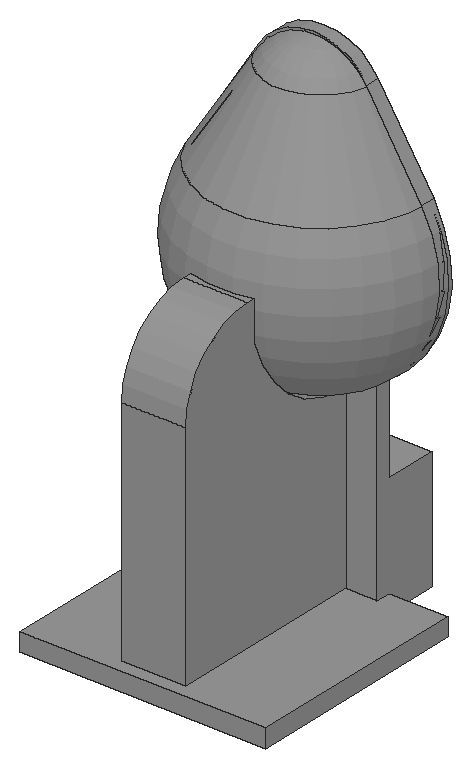
Revit family "Toilet-Willoughby-1490-HET-ETWS-CM-BS", category Plumbing Fixtures, host Face, Revit 2014
Parameters (values of type "Standard")
  Waste DIA = 2 1/4"
  Waste Connection = yes
  W-RAD [instance] = Waste DIA / 2  # 0' - 1 1/8"
  Vent Connection = no
  URL = "www.willoughby-ind.com"
  Type Comments = "Siphon Jet Flush"
  Revision = "A"
  Model = "ETWS-1490-HET-CM-BS"
  Manufacturer = "Willoughby Industries"
  HW Connection = no
  Flush inlet DIA = 1 1/2"
  Flush Inlet Connection = yes
  Fixture Body = Stainless Steel AISI 304-Willoughby
  F-RAD [instance] = Flush inlet DIA / 2  # 0' - 0 3/4"
  Description = "Carrier Mounted Toilet"
  Default Elevation = 0' - 0"
  Contact Number = "(800) 428-4065"
  CW Connection = no
Reference planes (in)
  plane 1 "Base": y = -16.25
  plane 2: z = 0
  plane 3 "Center": x = 18.31072
  plane 4 "Seat HGT": y = -1.25
  plane 5: y = -2.125
  plane 6 "Unit Base Off Floor": y = -13.75
  plane 7 "Flush HGT": y = 0.5
  plane 8: x = 16.56072
  plane 9: x = 20.06072
  plane 10: x = 11.56072
  plane 11: x = 25.06072
  plane 12: z = 27.75
  plane 13: y = -10.75
Forms (in)
  Extrusion 1, solid, material "Stainless Steel AISI 304-Willoughby" <- "Fixture Body"
    sketch origin (16.08109, 7.47968, -5.1422) x (-1, 0, 0) y (0, 0, -1)
      loop
        line (1.29775, -16.80087) -> (1.29775, -6.1422) -> (-5.72963, -6.1422) -> (-5.72963, -16.81676)
        arc (-5.72963, -16.81676) -> (-8.98136, -21.11843) -> (-8.21015, -26.45542) r 7
        line (-8.21015, -26.45542) -> (-5.16818, -31.31054)
        arc (-5.16818, -31.31054) -> (-2.20225, -32.95225) -> (0.76368, -31.31054) r 3.5
        line (0.76368, -31.31054) -> (3.80565, -26.45542)
        arc (3.80565, -26.45542) -> (4.5729, -21.10311) -> (1.29775, -16.80087) r 7
      loop
        arc (2.03989, -24.70557) -> (-2.20225, -18.23804) -> (-6.44438, -24.70557) r 4.625
        line (-6.44438, -24.70557) -> (-4.04125, -30.23842)
        arc (-4.04125, -30.23842) -> (-2.20225, -31.45225) -> (-0.36324, -30.23842) r 2
        line (-0.36324, -30.23842) -> (2.03989, -24.70557)
    from 8.72968 to 9.5
  Revolve 2, solid, material "Stainless Steel AISI 304-Willoughby" <- "Fixture Body"
    sketch origin (19.37246, -1.52032, -1.93826) x (-1, 0, 0) y (0, 0, -1)
      loop
        line (1.06174, -12.59906) -> (1.06174, -12.84906)
        arc (1.06174, -12.84906) -> (6.96784, -16.33096) -> (6.78077, -23.18447) r 6.75
        line (6.78077, -23.18447) -> (3.81535, -27.91457)
        arc (3.81535, -27.91457) -> (2.63527, -29.03194) -> (1.06174, -29.43826) r 3.25
        line (1.06174, -29.43826) -> (1.06174, -29.68826)
        arc (1.06174, -29.68826) -> (2.75672, -29.25045) -> (4.02767, -28.04656) r 3.5
        line (4.02767, -28.04656) -> (7.06964, -23.19143)
        arc (7.06964, -23.19143) -> (7.15052, -16.14555) -> (1.06174, -12.59906) r 7
      axis (1.06174, -12.59906) -> (1.06174, -29.68826)
    angle from 0 to -180
  Extrusion 3, solid, material "Stainless Steel AISI 304-Willoughby" <- "Fixture Body"
    sketch origin (19.53334, -3.02032, -2.9508) x (0, 1, 0) y (0, 0, 1)
      loop
        line (-5.27082, 3.9508) -> (1, 3.9508) -> (1, 13.76086)
        arc (1, 13.76086) -> (-2.93256, 15.26109) -> (-5.27082, 18.76086) r 6.92744
        line (-5.27082, 18.76086) -> (-5.27082, 3.9508)
    from 0.52738 to -2.97262
  Extrusion 4, solid, material "Stainless Steel AISI 304-Willoughby" <- "Fixture Body"
    sketch origin (17.03334, 24.83792, -2.30581) x (0, 1, 0) y (0, 0, 1)
      loop
        line (-33.12906, 3.30581) -> (-33.12906, 20.30581) -> (-33.56217, 20.30581)
        arc (-33.56217, 20.30581) -> (-36.58558, 19.05347) -> (-37.83792, 16.03006) r 4.27575
        line (-37.83792, 16.03006) -> (-37.83792, 3.30581) -> (-33.12906, 3.30581)
    from -0.47262 to 3.02738
  Extrusion 5, solid, material "Stainless Steel AISI 304-Willoughby" <- "Fixture Body"
    sketch origin (5.72435, 0.32141, 0) x (1, 0, 0) y (0, 1, 0)
      loop
        circle (12.58636, -11.07141) r 1.125
    from 5.5 to 0
  Extrusion 6, solid, material "Stainless Steel AISI 304-Willoughby" <- "Fixture Body"
    sketch origin (18.31072, 0, 0) x (0, 1, 0) y (0, 0, 1)
      loop
        line (-1.25, 0) -> (1.75, 0) -> (1.75, 6.6875) -> (-1.25, 6.6875) -> (-1.25, 0)
    from -3.52738 to 3.5
  Extrusion 7, solid, material "Stainless Steel AISI 304-Willoughby" <- "Fixture Body"
    sketch origin (0, 0, 0) x (1, 0, 0) y (0, 1, 0)
      loop
        circle (18.31072, 0.5) r 0.75
    from 0 to 1
  Extrusion 8, solid, material "Stainless Steel AISI 304-Willoughby" <- "Fixture Body"
    sketch origin (0, -16.25, 0) x (1, 0, 0) y (0, 0, 1)
      loop
        line (25.06072, 0) -> (25.06072, 1) -> (11.56072, 1) -> (11.56072, 0) -> (25.06072, 0)
    from -15 to -2.5
Cuts and joins
  joined: Extrusion 1, Extrusion 3, Extrusion 4, Extrusion 6, Extrusion 8
Lines and regions (in)
  symbolic lines
    curve 1: line (11.28334, -2.02032, 0) -> (11.28334, -1.25, 0)
    curve 2: line (11.28334, -1.25, 0) -> (25.28334, -1.25, 0)
    curve 3: line (25.28334, -1.25, 0) -> (25.28334, -2.02032, 0)
    curve 4: arc (25.28334, -2.02032, 0) -> (23.07414, -6.64089, 0) -> (18.31072, -8.52239, 0) r 7.00369
    curve 5: arc (18.31072, -8.52239, 0) -> (13.52023, -6.65131, 0) -> (11.28334, -2.02032, 0) r 7.03441
    curve 6: line (14.78334, -1.25, 0) -> (14.78334, 1.75, 0)
    curve 7: line (14.78334, 1.75, 0) -> (21.81072, 1.75, 0)
    curve 8: line (21.81072, 1.75, 0) -> (21.81072, -1.25, 0)
    curve 9: line (25.06072, -3.3387, 0) -> (25.06072, -13.75, 0)
    curve 10: line (25.06072, -13.75, 0) -> (11.56072, -13.75, 0)
    curve 11: line (11.56072, -13.75, 0) -> (11.56072, -3.51227, 0)
    curve 12: line (20.06072, -8.29686, 0) -> (20.06072, -13, 0)
    curve 13: line (20.06072, -13, 0) -> (16.56072, -13, 0)
    curve 14: line (16.56072, -13, 0) -> (16.56072, -8.30461, 0)
    curve 15: line (14.78334, -16.25, 11.65867) -> (14.78334, -16.25, 0)
    curve 16: line (14.78334, -16.25, 0) -> (21.81072, -16.25, 0)
    curve 17: line (21.81072, -16.25, 0) -> (21.81072, -16.25, 11.67456)
    curve 19: line (14.78334, -16.25, 1) -> (11.56072, -16.25, 1)
    curve 20: line (11.56072, -16.25, 1) -> (11.56072, -16.25, 0)
    curve 21: line (11.56072, -16.25, 0) -> (14.78334, -16.25, 0)
    curve 22: line (21.81072, -16.25, 0) -> (25.06072, -16.25, 0)
    curve 23: line (25.06072, -16.25, 0) -> (25.06072, -16.25, 1)
    curve 24: line (25.06072, -16.25, 1) -> (21.81072, -16.25, 1)
    curve 25: arc (21.81072, -16.25, 11.67456) -> (25.05562, -16.25, 15.94259) -> (24.31862, -16.25, 21.25317) r 6.98362
    curve 26: line (24.31862, -16.25, 21.25317) -> (21.25205, -16.25, 26.1639)
    curve 27: arc (21.25205, -16.25, 26.1639) -> (19.99152, -16.25, 27.34663) -> (18.31072, -16.25, 27.75) r 3.3743
    curve 28: arc (18.31072, -16.25, 27.75) -> (16.6278, -16.25, 27.31167) -> (15.31741, -16.25, 26.16835) r 3.79289
    curve 29: line (15.31741, -16.25, 26.16835) -> (12.35249, -16.25, 21.43905)
    curve 30: arc (12.35249, -16.25, 21.43905) -> (11.49002, -16.25, 16.03241) -> (14.78334, -16.25, 11.65867) r 7
    curve 36: line (18.31072, -8.29114, 18) -> (18.31072, -8.72425, 18)
    curve 37: arc (18.31072, -8.72425, 18) -> (18.31072, -11.74766, 16.74766) -> (18.31072, -13, 13.72425) r 4.27575
    curve 38: line (18.31072, -13, 13.72425) -> (18.31072, -13, 1)
    curve 39: line (18.31072, -13, 1) -> (18.31072, -13.75, 1)
    curve 40: line (18.31072, -13.75, 1) -> (18.31072, -13.75, 0)
    curve 41: line (18.31072, -13.75, 0) -> (18.31072, 1.75, 0)
    curve 42: line (18.31072, -1.25, 0) -> (18.31072, -1.25, 1)
    curve 43: line (18.31072, -1.25, 1) -> (18.31072, -13, 1)
    curve 44: line (18.31072, 1.75, 0) -> (18.31072, 1.75, 6.6875)
    curve 45: line (18.31072, 1.75, 6.6875) -> (18.31072, -1.25, 6.6875)
    curve 46: line (18.31072, -1.25, 6.6875) -> (18.31072, -1.25, 11.67456)
    curve 47: line (18.31072, -1.25, 11.67456) -> (18.31072, -2, 11.67456)
    curve 48: line (18.31072, -2, 11.67456) -> (18.31072, -2, 1)
    curve 49: line (18.31072, -1.25, 11.67456) -> (18.31072, -1.25, 27.81005)
    curve 50: line (18.31072, -1.25, 27.81005) -> (18.31072, -2.02032, 27.81005)
    curve 51: arc (18.31072, -2.02032, 27.81005) -> (18.31072, -3.26664, 27.30759) -> (18.31072, -4.26459, 26.40767) r 3.85298
    curve 52: line (18.31072, -4.26459, 26.40767) -> (18.31072, -7.52822, 21.25317)
    curve 53: arc (18.31072, -7.52822, 21.25317) -> (18.31072, -8.24054, 19.6936) -> (18.31072, -8.50769, 18) r 6.32302
    curve 54: line (18.31072, -8.29114, 18) -> (18.31072, -8.29114, 15.81005)
    curve 55: arc (18.31072, -8.29114, 15.81005) -> (18.31072, -5.94493, 12.30395) -> (18.31072, -2, 10.80895) r 6.92744
  symbolic lines, detail levels medium+fine
    curve 18: line (21.81072, -16.25, 6.6875) -> (14.78334, -16.25, 6.6875)
  symbolic lines, detail levels fine
    curve 31: arc (20.11778, -16.25, 25.10681) -> (19.38026, -16.25, 25.9824) -> (18.28334, -16.25, 26.31005) r 2
    curve 32: arc (18.28334, -16.25, 26.31005) -> (17.1816, -16.25, 25.97923) -> (16.44433, -16.25, 25.09622) r 2
    curve 33: arc (14.0412, -16.25, 19.56337) -> (18.28332, -16.25, 13.09585) -> (22.52548, -16.25, 19.56335) r 4.625
    curve 34: line (22.52548, -16.25, 19.56335) -> (20.11778, -16.25, 25.10681)
    curve 35: line (16.44433, -16.25, 25.09622) -> (14.0412, -16.25, 19.56337)
Dimensions and locks (in)
  plane 1 "Base" to plane 4 "Seat HGT" = 1' - 3"
  plane 1 "Base" to plane 13 = 0' - 5 1/2"
  plane 1 "Base" to plane 7 "Flush HGT" = 1' - 4 3/4"
  "W-RAD": radius of Extrusion 5 sketch curve
  "F-RAD": radius of Extrusion 7 sketch curve
  aligned and locked: plane 2 to host face
  aligned and locked: level to host face
  aligned and locked: plane 7 "Flush HGT" to Extrusion 7 sketch curve
  aligned and locked: plane 3 "Center" to Extrusion 7 sketch curve
  aligned and locked: plane 13 to Extrusion 5 sketch curve
  aligned and locked: plane 3 "Center" to Extrusion 5 sketch curve
  aligned and locked: cut or joined group of Extrusion 1, Extrusion 3, Extrusion 4, Extrusion 6, Extrusion 8 to level
  aligned and locked: plane 6 "Unit Base Off Floor" to cut or joined group of Extrusion 1, Extrusion 3, Extrusion 4, Extrusion 6, Extrusion 8
  aligned and locked: cut or joined group of Extrusion 1, Extrusion 3, Extrusion 4, Extrusion 6, Extrusion 8 to cut or joined group of Extrusion 1, Extrusion 3, Extrusion 4, Extrusion 6, Extrusion 8  (x5)
  aligned and locked: plane 2 to cut or joined group of Extrusion 1, Extrusion 3, Extrusion 4, Extrusion 6, Extrusion 8
  aligned and locked: cut or joined group of Extrusion 1, Extrusion 3, Extrusion 4, Extrusion 6, Extrusion 8 to plane 10
Automatic sketch dimensions
  host sketch curve to host sketch curve = 3' - 8.8562"
  host sketch curve to host sketch curve = 3' - 4.86225"
  Extrusion 1 sketch curve to Extrusion 1 sketch curve = 0' - 0"  (x8)
  level to Extrusion 1 sketch curve = 0' - 1"
  plane 3 "Center" to Extrusion 1 sketch curve = 0' - 5.98052"
  Extrusion 1 sketch curve to Extrusion 1 sketch curve = 0' - 1.76576"  (x2)
  plane 3 "Center" to Extrusion 1 sketch curve = 0' - 3 1/2"
  plane 3 "Center" to Extrusion 1 sketch curve = 0' - 2.93855"
  Extrusion 1 sketch curve to Extrusion 1 sketch curve = 0' - 1.12693"  (x2)
  Extrusion 1 sketch curve to plane 3 "Center" = 0' - 0.02738"  (x2)
  Extrusion 1 sketch curve to plane 3 "Center" = 0' - 1.86639"
  Extrusion 1 sketch curve to plane 3 "Center" = 0' - 3.52738"
  Extrusion 1 sketch curve to plane 3 "Center" = 0' - 4 69/256"
  Extrusion 1 sketch curve to Extrusion 1 sketch curve = 0' - 10.65867"
  Extrusion 1 sketch curve to Extrusion 1 sketch curve = 0' - 0.01589"
  Extrusion 1 sketch curve to Extrusion 1 sketch curve = 0' - 6.06218"
  Extrusion 1 sketch curve to Extrusion 1 sketch curve = 0' - 1.74985"
  Extrusion 1 sketch curve to Extrusion 1 sketch curve = 0' - 4.74668"
  Extrusion 1 sketch curve to Extrusion 1 sketch curve = 0' - 0.78617"
  Extrusion 1 sketch curve to Extrusion 1 sketch curve = 0' - 1.07212"
  Revolve 2 sketch curve to Revolve 2 sketch curve = 0' - 0"  (x2)
  Revolve 2 sketch curve to plane 3 "Center" = 0' - 0"  (x3)
  plane 3 "Center" to Revolve 2 sketch curve = 0' - 0"
  Revolve 2 sketch curve to plane 3 "Center" = 0' - 2.75361"
  Revolve 2 sketch curve to Revolve 2 sketch curve = 0' - 0.21232"
  Revolve 2 sketch curve to Revolve 2 sketch curve = 0' - 2.96542"
  Revolve 2 sketch curve to Revolve 2 sketch curve = 0' - 0.28887"
  level to Revolve 2 sketch curve = 2' - 3 3/4"
  Revolve 2 sketch curve to Revolve 2 sketch curve = 0' - 0 1/4"
  Revolve 2 sketch curve to Revolve 2 sketch curve = 0' - 1.3917"
  Revolve 2 sketch curve to Revolve 2 sketch curve = 0' - 0.13199"
  Revolve 2 sketch curve to Revolve 2 sketch curve = 0' - 4.85513"
  Revolve 2 sketch curve to Revolve 2 sketch curve = 0' - 0.00696"
  Revolve 2 sketch curve to Revolve 2 sketch curve = 0' - 3 1/4"
  Revolve 2 sketch curve to Revolve 2 sketch curve = 0' - 3.3392"
  Revolve 2 sketch curve to Revolve 2 sketch curve = 0' - 2.4108"
  level to Extrusion 3 sketch curve = 0' - 1"
  plane 5 to Extrusion 3 sketch curve = 0' - 0.10468"
  plane 4 "Seat HGT" to Extrusion 3 sketch curve = 0' - 0.38413"
  Extrusion 3 sketch curve to Extrusion 3 sketch curve = 0' - 9.81005"
  Extrusion 3 sketch curve to Extrusion 3 sketch curve = 0' - 5"
  Extrusion 4 sketch curve to plane 6 "Unit Base Off Floor" = 0' - 0 3/4"
  level to Extrusion 4 sketch curve = 0' - 1"
  Extrusion 4 sketch curve to plane 6 "Unit Base Off Floor" = 0' - 5.02575"
  Extrusion 4 sketch curve to Extrusion 4 sketch curve = 0' - 0.43311"
  Extrusion 4 sketch curve to Extrusion 4 sketch curve = 1' - 0.72425"
  Extrusion 6 sketch curve to level = 0' - 0"
  Extrusion 6 sketch curve to plane 4 "Seat HGT" = 0' - 0"
  Extrusion 6 sketch curve to plane 7 "Flush HGT" = 0' - 1 1/4"
  level to Extrusion 6 sketch curve = 0' - 6 11/16"
  Extrusion 8 sketch curve to plane 10 = 0' - 0"
  Extrusion 8 sketch curve to plane 11 = 0' - 0"
  Extrusion 8 sketch curve to level = 0' - 0"
  level to Extrusion 8 sketch curve = 0' - 1"
  Extrusion 3 sketch curve to Extrusion 3 sketch curve = 0' - 6.27082"
  plane 4 "Seat HGT" to curve 1 = 0' - 0"
  plane 6 "Unit Base Off Floor" to curve 10 = 0' - 0"
  curve 10 to plane 10 = 0' - 0"
  curve 13 to plane 8 = 0' - 0"
  curve 4 to plane 3 "Center" = 0' - 0"
  curve 5 to plane 3 "Center" = 0' - 0"
  curve 12 to plane 9 = 0' - 0"
  curve 10 to plane 11 = 0' - 0"
  plane 5 to curve 1 = 0' - 0.10468"
  curve 1 to plane 10 = 0' - 0.27738"
  curve 6 to plane 8 = 0' - 1.77738"
  curve 5 to plane 3 "Center" = 0' - 0.01315"
  curve 4 to plane 3 "Center" = 0' - 0.01309"
  plane 9 to curve 7 = 0' - 1 3/4"
  curve 9 to curve 3 = 0' - 0.22262"
  curve 13 to plane 6 "Unit Base Off Floor" = 0' - 0 3/4"
  curve 7 to plane 7 "Flush HGT" = 0' - 1 1/4"
  curve 5 to curve 14 = 0' - 0.21778"
  curve 30 to curve 33 = 0' - 0"  (x2)
  curve 31 to curve 32 = 0' - 0"
  curve 20 to level = 0' - 0"
  curve 20 to plane 10 = 0' - 0"
  curve 27 to plane 3 "Center" = 0' - 0"
  curve 28 to plane 3 "Center" = 0' - 0"
  curve 23 to plane 11 = 0' - 0"
  curve 28 to plane 12 = 0' - 0"
  plane 10 to curve 29 = 0' - 0.79177"
  curve 16 to plane 8 = 0' - 1.77738"
  curve 29 to plane 8 = 0' - 1.24331"
  curve 31 to plane 3 "Center" = 0' - 0.02738"
  curve 30 to plane 3 "Center" = 0' - 0.02738"
  curve 25 to plane 3 "Center" = 0' - 0.011"
  plane 3 "Center" to curve 27 = 0' - 0.07924"
  plane 3 "Center" to curve 28 = 0' - 0.08907"
  plane 9 to curve 34 = 0' - 0.05706"
  plane 9 to curve 26 = 0' - 1.19133"
  plane 9 to curve 16 = 0' - 1 3/4"
  plane 9 to curve 34 = 0' - 2.46476"
  curve 26 to plane 11 = 0' - 0.7421"
  level to curve 23 = 0' - 1"
  level to curve 20 = 0' - 1"
  curve 19 to curve 15 = 0' - 10.65867"
  curve 15 to curve 17 = 0' - 0.01589"
  curve 25 to curve 25 = 0' - 6.03688"
  curve 25 to curve 33 = 0' - 0.00941"
  curve 34 to curve 25 = 0' - 1.68982"
  plane 12 to curve 28 = 0' - 3.79184"
  curve 31 to curve 27 = 0' - 0.06658"
  curve 34 to curve 27 = 0' - 1.05709"
  plane 10 to curve 33 = 0' - 2 123/256"
  curve 35 to plane 8 = 0' - 0.11639"
  curve 18 to curve 17 = 0' - 4.98706"
  curve 41 to level = 0' - 0"
  curve 41 to plane 6 "Unit Base Off Floor" = 0' - 0"
  curve 49 to plane 4 "Seat HGT" = 0' - 0"
  curve 42 to plane 4 "Seat HGT" = 0' - 0"
  curve 38 to plane 6 "Unit Base Off Floor" = 0' - 0 3/4"
  curve 37 to plane 13 = 0' - 2.02575"
  curve 37 to curve 54 = 0' - 0.43311"
  curve 52 to plane 13 = 0' - 3.22178"
  curve 52 to plane 5 = 0' - 2.13959"
  curve 53 to plane 5 = 0' - 0.061"
  curve 50 to plane 12 = 0' - 0.06005"
  plane 5 to curve 50 = 0' - 0.10468"
  plane 5 to curve 48 = 0' - 0 1/8"
  plane 4 "Seat HGT" to curve 55 = 0' - 0.38413"
  curve 51 to plane 4 "Seat HGT" = 0' - 0.02513"
  curve 45 to plane 7 "Flush HGT" = 0' - 1 1/4"
  level to curve 39 = 0' - 1"
  curve 42 to curve 45 = 0' - 5 11/16"
  curve 45 to curve 48 = 0' - 4.98706"
  curve 47 to curve 37 = 0' - 2.04969"
  curve 47 to curve 55 = 0' - 6.05216"
  curve 55 to curve 53 = 0' - 0.14397"
  curve 36 to curve 52 = 0' - 3.25317"
  plane 12 to curve 51 = 0' - 3.70992"
  curve 55 to curve 47 = 0' - 0.86561"
Connectors (in)
  piping at (18.31072, -10.75, 0), diameter 2.25, driven by "W-RAD", driven by "Waste Connection"
    settings: on Extrusion 5, index 1, connector inside diameter 2 1/4", connector length 0' - 0", flow factor 0, pipe flow 0 GPM, pressure drop 0.00 psi, fitting loss kfactor 0, connector angle 0.00°, fixture units 0, engagement length 0' - 0", angle of deflection 0.00°, flow configuration 0, flow direction 2, fitting loss method 0, system type 16, joint type 0, gender type 0, connector reference index -1, connector utility 1, adjustable connector yes, is connector primary yes, connector description "Toilet Waste"
  piping at (18.31072, 0.5, 1), diameter 1.5, driven by "F-RAD", driven by "CW Connection"
    settings: on Extrusion 7, index 2, connector inside diameter 1 1/2", connector length 0' - 0", flow factor 0, pipe flow 0 GPM, pressure drop 0.00 psi, fitting loss kfactor 0, connector angle 0.00°, fixture units 0, engagement length 0' - 0", angle of deflection 0.00°, flow configuration 0, flow direction 1, fitting loss method 0, system type 20, joint type 0, gender type 0, connector reference index -1, connector utility 0, adjustable connector no, is connector primary no, connector description "Flush Inlet"
